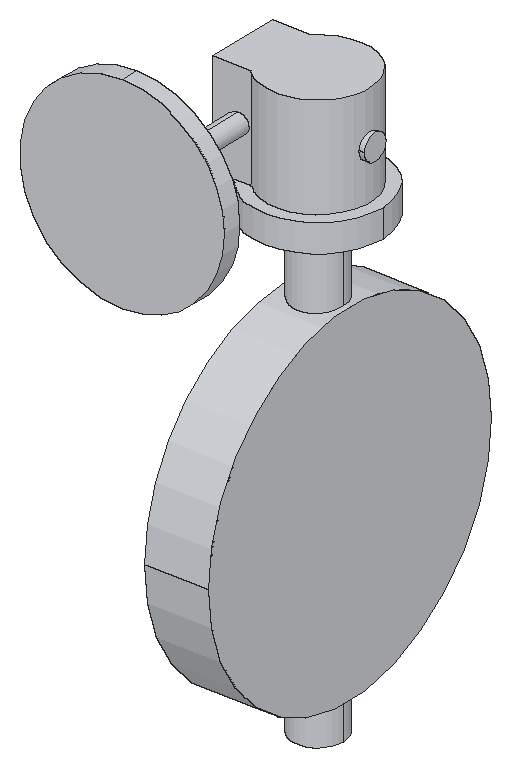
Revit family "HS497-67_disk-litina-převodové kolo DN350-RFA_2019", category Pipe Accessories, Revit 2019
Family settings
  Round Connector Dimension = Use Diameter
  Part Type = Valve - Breaks Into
  Work Plane-Based = No
  Always vertical = Yes
  Cut with Voids When Loaded = No
  Shared = No
Parameters (values of type "HS 497-67_DN350_PN10_převodové kolo")
  magiProductId = "a5a01426cb28494ba3afca92f1dace"
  magiProductFamilyId = "53cea81e6f374d17b8841d9c72ad77"
  magiPartTypeId = 305
  isMeasuringValve [instance] = no
  ang2D [instance] = 0.00°
  X11 = 109.255 mm
  X1 = 45.255 mm
  W2D = 1000 mm
  VersionID = "2.0/2017.9.26.1/ZETKAMA_497_001"
  Use Minimum Symbol Size [instance] = yes
  URL = "http://www.hydronic.cz"
  Type Comments = "mezipřírubová; litinový disk; PN10; -10~+110°C (krátkodobě +120°C)"
  SW30 = yes
  SW3 = yes
  SW21 = no
  SW20 = no
  SW2 = no
  SW1 = no
  R = 175 mm
  QmdConnectorList = "301;D;302;D"
  Productdata [instance] = ""
  NC = 70 mm
  Model = ""
  Manufacturer = "Hydronic Systems Prague s.r.o."
  MM20 = 45.255 mm
  MC Product Code = "125 350 (litinový disk, s převodovým kolem; DN350; PN10, kvs10165)"
  M41 = 91.5 mm
  M4 = 61 mm
  LHL = 220 mm
  LHH3 = 2.45 mm
  LHH1 = 46.55 mm
  LH1 = 73.333 mm
  L4R__ve = -L4R  # -22.2 mm
  L4R = 22.2 mm
  L42__ve = -L42  # -166.5 mm
  L42 = 166.5 mm
  L41__ve = -L41  # -33.3 mm
  L41 = 33.3 mm
  L2D_Min = 3048 mm
  L2D = 216 mm
  L2 = 39 mm
  L1 = 62.4 mm
  L = 78 mm
  H = 31 mm
  G22 = 11.25 mm
  G2 = 22.5 mm
  G1 = 90 mm
  G = 160 mm
  F = 22 mm
  E44 = 62.5 mm
  E42 = 125 mm
  E4 = 250 mm
  E23 = 4.9 mm
  E22 = 19.6 mm
  E21 = 9.8 mm
  Description = "Mezipřírubová uzavírací klapka s převodovým kolem; litinový disk, DN350; PN10; kvs10165"
  DR2 = 175 mm
  DR = 430 mm
  DD1 = 31.25 mm
  DD = 25 mm
  D = 350 mm
  CAT0 = yes
  B2__ve = -B2  # -88 mm
  B2 = 88 mm
  A2 = 33.85 mm
  A1 = 129.65 mm
Types (43, lengths in mm): name | magiProductId | X11 | X1 | Type Comments | SW30 | SW3 | SW20 | SW2 | SW1 | R | NC | MM20 | MC Product Code | M41 | M4 | LHL | LHH3 | LHH1 | LH1 | L4R__ve | L4R | L42__ve | L42 | L41__ve | L41 | L2 | L1 | L | H | G | F | E44 | E42 | E4 | E23 | E22 | E21 | Description | DR2 | DR | DD1 | DD | D | B2__ve | B2 | A2 | A1
  HS 497-67_DN100_PN16_volné vřeteno | "65d1b245f4f142c78569c0602d5754" | 61.456 | 25.456 | "mezipřírubová; litinový disk; PN16; -10~+110°C (krátkodobě +120°C)" | no | no | no | no | yes | 50 | 50 | 25.456 | "123 100 (litinový disk, s volným vřetenem; DN100; PN16, kvs512)" | 66 | 44 | 220 | 2.45 | 46.55 | 73.333 | -12.8 | 12.8 | -96 | 96 | -19.2 | 19.2 | 26 | 41.6 | 52 | 30 | 90 | 11 | 31.25 | 62.5 | 125 | 4.9 | 19.6 | 9.8 | "Mezipřírubová uzavírací klapka s volným vřetenem; litinový disk, DN100; PN16; kvs512" | 50 | 147 | 15.625 | 12.5 | 100 | -56 | 56 | 16.5 | 98.5
  HS 497-67_DN100_PN16_převodové kolo | "11e91b807e674d428c8e796fcdcfe2" | 61.456 | 25.456 | "mezipřírubová; litinový disk; PN16; -10~+110°C (krátkodobě +120°C)" | yes | yes | no | no | no | 50 | 50 | 25.456 | "125 100 (litinový disk, s převodovým kolem; DN100; PN16, kvs512)" | 65.25 | 43.5 | 220 | 2.45 | 46.55 | 73.333 | -12.8 | 12.8 | -96 | 96 | -19.2 | 19.2 | 26 | 41.6 | 52 | 30 | 90 | 11 | 31.25 | 62.5 | 125 | 4.9 | 19.6 | 9.8 | "Mezipřírubová uzavírací klapka s převodovým kolem; litinový disk, DN100; PN16; kvs512" | 50 | 147 | 15.625 | 12.5 | 100 | -56 | 56 | 16.5 | 98.5
  HS 497-67_DN100_PN16_s pákou | "28172f0b3f4b47b28323ac71cf8749" | 61.456 | 25.456 | "mezipřírubová; litinový disk; PN16; -10~+110°C (krátkodobě +120°C)" | no | no | yes | yes | no | 50 | 50 | 25.456 | "120 100 (litinový disk, s pákou; DN100; PN16, kvs512)" | 66 | 44 | 260 | 3 | 57 | 86.667 | -12.8 | 12.8 | -96 | 96 | -19.2 | 19.2 | 26 | 41.6 | 52 | 30 | 90 | 11 | 31.25 | 62.5 | 125 | 6 | 24 | 12 | "Mezipřírubová uzavírací klapka s pákou; litinový disk, DN100; PN16; kvs512" | 50 | 147 | 15.625 | 12.5 | 100 | -56 | 56 | 16.5 | 98.5
  HS 497-67_DN125_PN16_volné vřeteno | "0d813d910fc14f628bb3c2efbd185c" | 61.456 | 25.456 | "mezipřírubová; litinový disk; PN16; -10~+110°C (krátkodobě +120°C)" | no | no | no | no | yes | 62.5 | 50 | 25.456 | "123 125 (litinový disk, s volným vřetenem; DN125; PN16, kvs872)" | 66 | 44 | 220 | 2.45 | 46.55 | 73.333 | -12.8 | 12.8 | -96 | 96 | -19.2 | 19.2 | 28 | 44.8 | 56 | 33 | 90 | 14 | 31.25 | 62.5 | 125 | 4.9 | 19.6 | 9.8 | "Mezipřírubová uzavírací klapka s volným vřetenem; litinový disk, DN125; PN16; kvs872" | 62.5 | 180 | 15.625 | 12.5 | 125 | -64 | 64 | 18 | 99.5
  HS 497-67_DN125_PN16_převodové kolo | "c56b7c13f372467684996fb1e0e229" | 61.456 | 25.456 | "mezipřírubová; litinový disk; PN16; -10~+110°C (krátkodobě +120°C)" | yes | yes | no | no | no | 62.5 | 50 | 25.456 | "125 125 (litinový disk, s převodovým kolem; DN125; PN16, kvs872)" | 65.25 | 43.5 | 220 | 2.45 | 46.55 | 73.333 | -13.5 | 13.5 | -101.25 | 101.25 | -20.25 | 20.25 | 28 | 44.8 | 56 | 33 | 90 | 14 | 40 | 80 | 160 | 4.9 | 19.6 | 9.8 | "Mezipřírubová uzavírací klapka s převodovým kolem; litinový disk, DN125; PN16; kvs872" | 62.5 | 180 | 20 | 16 | 125 | -64 | 64 | 18 | 99.5
  HS 497-67_DN125_PN16_s pákou | "105993c79a91492399feef7931321a" | 61.456 | 25.456 | "mezipřírubová; litinový disk; PN16; -10~+110°C (krátkodobě +120°C)" | no | no | yes | yes | no | 62.5 | 50 | 25.456 | "120 125 (litinový disk, s pákou; DN125; PN16, kvs872)" | 66 | 44 | 315 | 3.75 | 71.25 | 105 | -12.8 | 12.8 | -96 | 96 | -19.2 | 19.2 | 28 | 44.8 | 56 | 33 | 90 | 14 | 31.25 | 62.5 | 125 | 7.5 | 30 | 15 | "Mezipřírubová uzavírací klapka s pákou; litinový disk, DN125; PN16; kvs872" | 62.5 | 180 | 15.625 | 12.5 | 125 | -64 | 64 | 18 | 99.5
  HS 497-67_DN150_PN16_volné vřeteno | "50c80cb8ab434f55ab7796e5ac1331" | 61.456 | 25.456 | "mezipřírubová; litinový disk; PN16; -10~+110°C (krátkodobě +120°C)" | no | no | no | no | yes | 75 | 50 | 25.456 | "123 150 (litinový disk, s volným vřetenem; DN150; PN16, kvs1347)" | 66 | 44 | 220 | 2.45 | 46.55 | 73.333 | -12.8 | 12.8 | -96 | 96 | -19.2 | 19.2 | 28 | 44.8 | 56 | 33 | 90 | 14 | 31.25 | 62.5 | 125 | 4.9 | 19.6 | 9.8 | "Mezipřírubová uzavírací klapka s volným vřetenem; litinový disk, DN150; PN16; kvs1347" | 75 | 206 | 15.625 | 12.5 | 150 | -58 | 58 | 19.3 | 98.7
  HS 497-67_DN150_PN16_převodové kolo | "d94a1a0cf83b476eb10011b327f709" | 61.456 | 25.456 | "mezipřírubová; litinový disk; PN16; -10~+110°C (krátkodobě +120°C)" | yes | yes | no | no | no | 75 | 50 | 25.456 | "125 150 (litinový disk, s převodovým kolem; DN150; PN16, kvs1347)" | 65.25 | 43.5 | 220 | 2.45 | 46.55 | 73.333 | -13.5 | 13.5 | -101.25 | 101.25 | -20.25 | 20.25 | 28 | 44.8 | 56 | 33 | 90 | 14 | 40 | 80 | 160 | 4.9 | 19.6 | 9.8 | "Mezipřírubová uzavírací klapka s převodovým kolem; litinový disk, DN150; PN16; kvs1347" | 75 | 206 | 20 | 16 | 150 | -58 | 58 | 19.3 | 98.7
  HS 497-67_DN150_PN16_s pákou | "4d2835523fe84828bc50ff0a5a0dfb" | 61.456 | 25.456 | "mezipřírubová; litinový disk; PN16; -10~+110°C (krátkodobě +120°C)" | no | no | yes | yes | no | 75 | 50 | 25.456 | "120 150 (litinový disk, s pákou; DN150; PN16, kvs1347)" | 66 | 44 | 315 | 3.75 | 71.25 | 105 | -12.8 | 12.8 | -96 | 96 | -19.2 | 19.2 | 28 | 44.8 | 56 | 33 | 90 | 14 | 31.25 | 62.5 | 125 | 7.5 | 30 | 15 | "Mezipřírubová uzavírací klapka s pákou; litinový disk, DN150; PN16; kvs1347" | 75 | 206 | 15.625 | 12.5 | 150 | -58 | 58 | 19.3 | 98.7
  HS 497-67_DN200_PN16_volné vřeteno | "5b29029eaeba47139ee1055a4b9201" | 61.456 | 25.456 | "mezipřírubová; litinový disk; PN16; -10~+110°C (krátkodobě +120°C)" | no | no | no | no | yes | 100 | 50 | 25.456 | "123 200 (litinový disk, s volným vřetenem; DN200; PN16, kvs2675)" | 66 | 44 | 220 | 2.45 | 46.55 | 73.333 | -12.8 | 12.8 | -96 | 96 | -19.2 | 19.2 | 30 | 48 | 60 | 33 | 90 | 17 | 31.25 | 62.5 | 125 | 4.9 | 19.6 | 9.8 | "Mezipřírubová uzavírací klapka s volným vřetenem; litinový disk, DN200; PN16; kvs2675" | 100 | 257 | 15.625 | 12.5 | 200 | -70 | 70 | 22.5 | 102.5
  HS 497-67_DN200_PN16_převodové kolo | "b2793cc1fcc44cf2a35062cd67c04f" | 61.456 | 25.456 | "mezipřírubová; litinový disk; PN16; -10~+110°C (krátkodobě +120°C)" | yes | yes | no | no | no | 100 | 57 | 25.456 | "125 200 (litinový disk, s převodovým kolem; DN200; PN16, kvs2675)" | 78.75 | 52.5 | 220 | 2.45 | 46.55 | 73.333 | -15.2 | 15.2 | -114 | 114 | -22.8 | 22.8 | 30 | 48 | 60 | 33 | 90 | 17 | 50 | 100 | 200 | 4.9 | 19.6 | 9.8 | "Mezipřírubová uzavírací klapka s převodovým kolem; litinový disk, DN200; PN16; kvs2675" | 100 | 257 | 25 | 20 | 200 | -70 | 70 | 22.5 | 102.5
  HS 497-67_DN200_PN16_s pákou | "f88d96c7af224537a51e72d7d8fffe" | 61.456 | 25.456 | "mezipřírubová; litinový disk; PN16; -10~+110°C (krátkodobě +120°C)" | no | no | yes | yes | no | 100 | 50 | 25.456 | "120 200 (litinový disk, s pákou; DN200; PN16, kvs2675)" | 66 | 44 | 315 | 3.75 | 71.25 | 105 | -12.8 | 12.8 | -96 | 96 | -19.2 | 19.2 | 30 | 48 | 60 | 33 | 90 | 17 | 31.25 | 62.5 | 125 | 7.5 | 30 | 15 | "Mezipřírubová uzavírací klapka s pákou; litinový disk, DN200; PN16; kvs2675" | 100 | 257 | 15.625 | 12.5 | 200 | -70 | 70 | 22.5 | 102.5
  HS 497-67_DN250_PN16_volné vřeteno | "b662e8305ca2402b9c510e66e6aa55" | 88.77 | 36.77 | "mezipřírubová; litinový disk; PN16; -10~+110°C (krátkodobě +120°C)" | no | no | no | no | yes | 125 | 50 | 36.77 | "123 250 (litinový disk, s volným vřetenem; DN250; PN16, kvs4555)" | 66 | 44 | 220 | 2.45 | 46.55 | 73.333 | -12.8 | 12.8 | -96 | 96 | -19.2 | 19.2 | 34 | 54.4 | 68 | 23 | 130 | 22 | 31.25 | 62.5 | 125 | 4.9 | 19.6 | 9.8 | "Mezipřírubová uzavírací klapka s volným vřetenem; litinový disk, DN250; PN16; kvs4555" | 125 | 324 | 15.625 | 12.5 | 250 | -85 | 85 | 28.25 | 129.25
  HS 497-67_DN250_PN16_převodové kolo | "5ee9016806664ddfaa2632711f295c" | 88.77 | 36.77 | "mezipřírubová; litinový disk; PN16; -10~+110°C (krátkodobě +120°C)" | yes | yes | no | no | no | 125 | 70 | 36.77 | "125 250 (litinový disk, s převodovým kolem; DN250; PN16, kvs4555)" | 91.5 | 61 | 220 | 2.45 | 46.55 | 73.333 | -22.2 | 22.2 | -166.5 | 166.5 | -33.3 | 33.3 | 34 | 54.4 | 68 | 23 | 130 | 22 | 62.5 | 125 | 250 | 4.9 | 19.6 | 9.8 | "Mezipřírubová uzavírací klapka s převodovým kolem; litinový disk, DN250; PN16; kvs4555" | 125 | 324 | 31.25 | 25 | 250 | -85 | 85 | 28.25 | 129.25
  HS 497-67_DN300_PN16_volné vřeteno | "e1886f51ff004380a649519258edf2" | 88.77 | 36.77 | "mezipřírubová; litinový disk; PN16; -10~+110°C (krátkodobě +120°C)" | no | no | no | no | yes | 150 | 50 | 36.77 | "123 300 (litinový disk, s volným vřetenem; DN300; PN16, kvs7037)" | 66 | 44 | 220 | 2.45 | 46.55 | 73.333 | -12.8 | 12.8 | -96 | 96 | -19.2 | 19.2 | 39 | 62.4 | 78 | 23 | 130 | 22 | 31.25 | 62.5 | 125 | 4.9 | 19.6 | 9.8 | "Mezipřírubová uzavírací klapka s volným vřetenem; litinový disk, DN300; PN16; kvs7037" | 150 | 376 | 15.625 | 12.5 | 300 | -90 | 90 | 30.8 | 127.2
  HS 497-67_DN300_PN16_převodové kolo | "6860f094f77d42088fbebc3c97f755" | 88.77 | 36.77 | "mezipřírubová; litinový disk; PN16; -10~+110°C (krátkodobě +120°C)" | yes | yes | no | no | no | 150 | 70 | 36.77 | "125 300 (litinový disk, s převodovým kolem; DN300; PN16, kvs7037)" | 91.5 | 61 | 220 | 2.45 | 46.55 | 73.333 | -22.2 | 22.2 | -166.5 | 166.5 | -33.3 | 33.3 | 39 | 62.4 | 78 | 23 | 130 | 22 | 62.5 | 125 | 250 | 4.9 | 19.6 | 9.8 | "Mezipřírubová uzavírací klapka s převodovým kolem; litinový disk, DN300; PN16; kvs7037" | 150 | 376 | 31.25 | 25 | 300 | -90 | 90 | 30.8 | 127.2
  HS 497-67_DN032_PN16_volné vřeteno | "8c5f65de52aa4067a77564107e31b2" | 61.456 | 25.456 | "mezipřírubová; litinový disk; PN16; -10~+110°C (krátkodobě +120°C)" | no | no | no | no | yes | 16 | 50 | 25.456 | "123 032 (litinový disk, s volným vřetenem; DN32; PN16, kvs78)" | 66 | 44 | 220 | 2.45 | 46.55 | 73.333 | -12.8 | 12.8 | -96 | 96 | -19.2 | 19.2 | 16.5 | 26.4 | 33 | 30 | 90 | 11 | 31.25 | 62.5 | 125 | 4.9 | 19.6 | 9.8 | "Mezipřírubová uzavírací klapka s volným vřetenem; litinový disk, DN32; PN16; kvs78" | 16 | 68 | 15.625 | 12.5 | 32 | -44.2 | 44.2 | 10.25 | 76.25
  HS 497-67_DN032_PN16_převodové kolo | "60aaeffa8b3a4e809ef000e4660060" | 61.456 | 25.456 | "mezipřírubová; litinový disk; PN16; -10~+110°C (krátkodobě +120°C)" | yes | yes | no | no | no | 16 | 50 | 25.456 | "125 032 (litinový disk, s převodovým kolem; DN32; PN16, kvs78)" | 65.25 | 43.5 | 220 | 2.45 | 46.55 | 73.333 | -12.8 | 12.8 | -96 | 96 | -19.2 | 19.2 | 16.5 | 26.4 | 33 | 30 | 90 | 11 | 31.25 | 62.5 | 125 | 4.9 | 19.6 | 9.8 | "Mezipřírubová uzavírací klapka s převodovým kolem; litinový disk, DN32; PN16; kvs78" | 16 | 68 | 15.625 | 12.5 | 32 | -44.2 | 44.2 | 10.25 | 76.25
  HS 497-67_DN032_PN16_s pákou | "9ad8088d610749a1b871aa2aad8007" | 61.456 | 25.456 | "mezipřírubová; litinový disk; PN16; -10~+110°C (krátkodobě +120°C)" | no | no | yes | yes | no | 16 | 50 | 25.456 | "120 032 (litinový disk, s pákou; DN32; PN16, kvs78)" | 66 | 44 | 220 | 2.45 | 46.55 | 73.333 | -12.8 | 12.8 | -96 | 96 | -19.2 | 19.2 | 16.5 | 26.4 | 33 | 30 | 90 | 11 | 31.25 | 62.5 | 125 | 4.9 | 19.6 | 9.8 | "Mezipřírubová uzavírací klapka s pákou; litinový disk, DN32; PN16; kvs78" | 16 | 68 | 15.625 | 12.5 | 32 | -44.2 | 44.2 | 10.25 | 76.25
  HS 497-67_DN350_PN10_volné vřeteno | "72a1e05f22944421b7e9596a877137" | 109.255 | 45.255 | "mezipřírubová; litinový disk; PN10; -10~+110°C (krátkodobě +120°C)" | no | no | no | no | yes | 175 | 50 | 45.255 | "123 350 (litinový disk, s volným vřetenem; DN350; PN10, kvs10165)" | 66 | 44 | 220 | 2.45 | 46.55 | 73.333 | -12.8 | 12.8 | -96 | 96 | -19.2 | 19.2 | 39 | 62.4 | 78 | 31 | 160 | 22 | 31.25 | 62.5 | 125 | 4.9 | 19.6 | 9.8 | "Mezipřírubová uzavírací klapka s volným vřetenem; litinový disk, DN350; PN10; kvs10165" | 175 | 430 | 15.625 | 12.5 | 350 | -88 | 88 | 33.85 | 129.65
  HS 497-67_DN350_PN10_převodové kolo | "a5a01426cb28494ba3afca92f1dace" | 109.255 | 45.255 | "mezipřírubová; litinový disk; PN10; -10~+110°C (krátkodobě +120°C)" | yes | yes | no | no | no | 175 | 70 | 45.255 | "125 350 (litinový disk, s převodovým kolem; DN350; PN10, kvs10165)" | 91.5 | 61 | 220 | 2.45 | 46.55 | 73.333 | -22.2 | 22.2 | -166.5 | 166.5 | -33.3 | 33.3 | 39 | 62.4 | 78 | 31 | 160 | 22 | 62.5 | 125 | 250 | 4.9 | 19.6 | 9.8 | "Mezipřírubová uzavírací klapka s převodovým kolem; litinový disk, DN350; PN10; kvs10165" | 175 | 430 | 31.25 | 25 | 350 | -88 | 88 | 33.85 | 129.65
  HS 497-67_DN400_PN10_volné vřeteno | "c70ebeb927c04ab99b176e257ad0a7" | 109.255 | 45.255 | "mezipřírubová; litinový disk; PN10; -10~+110°C (krátkodobě +120°C)" | no | no | no | no | yes | 200 | 50 | 45.255 | "123 400 (litinový disk, s volným vřetenem; DN400; PN10, kvs13799)" | 66 | 44 | 220 | 2.45 | 46.55 | 73.333 | -12.8 | 12.8 | -96 | 96 | -19.2 | 19.2 | 51 | 81.6 | 102 | 31 | 160 | 27 | 31.25 | 62.5 | 125 | 4.9 | 19.6 | 9.8 | "Mezipřírubová uzavírací klapka s volným vřetenem; litinový disk, DN400; PN10; kvs13799" | 200 | 485 | 15.625 | 12.5 | 400 | -108 | 108 | 38 | 142
  HS 497-67_DN400_PN10_převodové kolo | "cc64a4384dcb41b780d81810f4f293" | 109.255 | 45.255 | "mezipřírubová; litinový disk; PN10; -10~+110°C (krátkodobě +120°C)" | yes | yes | no | no | no | 200 | 72.5 | 45.255 | "125 400 (litinový disk, s převodovým kolem; DN400; PN10, kvs13799)" | 103.5 | 69 | 220 | 2.45 | 46.55 | 73.333 | -27.8 | 27.8 | -208.5 | 208.5 | -41.7 | 41.7 | 51 | 81.6 | 102 | 31 | 160 | 27 | 75 | 150 | 300 | 4.9 | 19.6 | 9.8 | "Mezipřírubová uzavírací klapka s převodovým kolem; litinový disk, DN400; PN10; kvs13799" | 200 | 485 | 37.5 | 30 | 400 | -108 | 108 | 38 | 142
  HS 497-67_DN040_PN16_volné vřeteno | "35f92312390745e88df5b5c325d9ee" | 61.456 | 25.456 | "mezipřírubová; litinový disk; PN16; -10~+110°C (krátkodobě +120°C)" | no | no | no | no | yes | 20 | 50 | 25.456 | "123 040 (litinový disk, s volným vřetenem; DN40; PN16, kvs78)" | 66 | 44 | 220 | 2.45 | 46.55 | 73.333 | -12.8 | 12.8 | -96 | 96 | -19.2 | 19.2 | 16.5 | 26.4 | 33 | 30 | 90 | 11 | 31.25 | 62.5 | 125 | 4.9 | 19.6 | 9.8 | "Mezipřírubová uzavírací klapka s volným vřetenem; litinový disk, DN40; PN16; kvs78" | 20 | 76 | 15.625 | 12.5 | 40 | -36 | 36 | 11 | 79
  HS 497-67_DN040_PN16_převodové kolo | "d88e968eae3445bc9b7b4e6ff35127" | 61.456 | 25.456 | "mezipřírubová; litinový disk; PN16; -10~+110°C (krátkodobě +120°C)" | yes | yes | no | no | no | 20 | 50 | 25.456 | "125 040 (litinový disk, s převodovým kolem; DN40; PN16, kvs78)" | 65.25 | 43.5 | 220 | 2.45 | 46.55 | 73.333 | -12.8 | 12.8 | -96 | 96 | -19.2 | 19.2 | 16.5 | 26.4 | 33 | 30 | 90 | 11 | 31.25 | 62.5 | 125 | 4.9 | 19.6 | 9.8 | "Mezipřírubová uzavírací klapka s převodovým kolem; litinový disk, DN40; PN16; kvs78" | 20 | 76 | 15.625 | 12.5 | 40 | -36 | 36 | 11 | 79
  HS 497-67_DN040_PN16_s pákou | "c1b522ca65b4407a98818f232eaacb" | 61.456 | 25.456 | "mezipřírubová; litinový disk; PN16; -10~+110°C (krátkodobě +120°C)" | no | no | yes | yes | no | 20 | 50 | 25.456 | "120 040 (litinový disk, s pákou; DN40; PN16, kvs78)" | 66 | 44 | 220 | 2.45 | 46.55 | 73.333 | -12.8 | 12.8 | -96 | 96 | -19.2 | 19.2 | 16.5 | 26.4 | 33 | 30 | 90 | 11 | 31.25 | 62.5 | 125 | 4.9 | 19.6 | 9.8 | "Mezipřírubová uzavírací klapka s pákou; litinový disk, DN40; PN16; kvs78" | 20 | 76 | 15.625 | 12.5 | 40 | -36 | 36 | 11 | 79
  HS 497-67_DN450_PN10_volné vřeteno | "a8358bc282f14872b3194e530e590a" | 129.74 | 53.74 | "mezipřírubová; litinový disk; PN10; -10~+110°C (krátkodobě +120°C)" | no | no | no | no | yes | 225 | 50 | 53.74 | "123 450 (litinový disk, s volným vřetenem; DN450; PN10, kvs18514)" | 66 | 44 | 220 | 2.45 | 46.55 | 73.333 | -12.8 | 12.8 | -96 | 96 | -19.2 | 19.2 | 57 | 91.2 | 114 | 38 | 190 | 36 | 31.25 | 62.5 | 125 | 4.9 | 19.6 | 9.8 | "Mezipřírubová uzavírací klapka s volným vřetenem; litinový disk, DN450; PN10; kvs18514" | 225 | 536 | 15.625 | 12.5 | 450 | -115 | 115 | 38.05 | 117.45
  HS 497-67_DN450_PN10_převodové kolo | "cdf2d80f54a9414f9cbe50647c0ebd" | 129.74 | 53.74 | "mezipřírubová; litinový disk; PN10; -10~+110°C (krátkodobě +120°C)" | yes | yes | no | no | no | 225 | 91.5 | 53.74 | "125 450 (litinový disk, s převodovým kolem; DN450; PN10, kvs18514)" | 144.75 | 96.5 | 220 | 2.45 | 46.55 | 73.333 | -32.1 | 32.1 | -240.75 | 240.75 | -48.15 | 48.15 | 57 | 91.2 | 114 | 38 | 190 | 36 | 100 | 200 | 400 | 4.9 | 19.6 | 9.8 | "Mezipřírubová uzavírací klapka s převodovým kolem; litinový disk, DN450; PN10; kvs18514" | 225 | 536 | 50 | 40 | 450 | -115 | 115 | 38.05 | 117.45
  HS 497-67_DN500_PN10_volné vřeteno | "8c396e27bb2743f98f3c762b6517cd" | 143.397 | 59.397 | "mezipřírubová; litinový disk; PN10; -10~+110°C (krátkodobě +120°C)" | no | no | no | no | yes | 250 | 50 | 59.397 | "123 500 (litinový disk, s volným vřetenem; DN500; PN10, kvs23805)" | 66 | 44 | 220 | 2.45 | 46.55 | 73.333 | -12.8 | 12.8 | -96 | 96 | -19.2 | 19.2 | 63.5 | 101.6 | 127 | 38 | 210 | 36 | 31.25 | 62.5 | 125 | 4.9 | 19.6 | 9.8 | "Mezipřírubová uzavírací klapka s volným vřetenem; litinový disk, DN500; PN10; kvs23805" | 250 | 593 | 15.625 | 12.5 | 500 | -130 | 130 | 43.25 | 139.25
  HS 497-67_DN500_PN10_převodové kolo | "7647804f32e94cef828a7034a91a46" | 143.397 | 59.397 | "mezipřírubová; litinový disk; PN10; -10~+110°C (krátkodobě +120°C)" | yes | yes | no | no | no | 250 | 91.5 | 59.397 | "125 500 (litinový disk, s převodovým kolem; DN500; PN10, kvs23805)" | 144.75 | 96.5 | 220 | 2.45 | 46.55 | 73.333 | -32.1 | 32.1 | -240.75 | 240.75 | -48.15 | 48.15 | 63.5 | 101.6 | 127 | 38 | 210 | 36 | 100 | 200 | 400 | 4.9 | 19.6 | 9.8 | "Mezipřírubová uzavírací klapka s převodovým kolem; litinový disk, DN500; PN10; kvs23805" | 250 | 593 | 50 | 40 | 500 | -130 | 130 | 43.25 | 139.25
  HS 497-67_DN050_volné vřeteno | "d71f296ecd6d4adf8f6e5d9853b4e0" | 61.456 | 25.456 | "mezipřírubová; litinový disk; PN16; -10~+110°C (krátkodobě +120°C)" | no | no | no | no | yes | 25 | 50 | 25.456 | "123 050 (litinový disk, s volným vřetenem; DN50; PN16, kvs98)" | 66 | 44 | 220 | 2.45 | 46.55 | 73.333 | -12.8 | 12.8 | -96 | 96 | -19.2 | 19.2 | 21.5 | 34.4 | 43 | 30 | 90 | 11 | 31.25 | 62.5 | 125 | 4.9 | 19.6 | 9.8 | "Mezipřírubová uzavírací klapka s volným vřetenem; litinový disk, DN50; PN16; kvs98" | 25 | 100 | 15.625 | 12.5 | 50 | -36.5 | 36.5 | 12 | 83
  HS 497-67_DN050_PN16_převodové kolo | "2fb080deeaed49c58418b94c1da5a4" | 61.456 | 25.456 | "mezipřírubová; litinový disk; PN16; -10~+110°C (krátkodobě +120°C)" | yes | yes | no | no | no | 25 | 50 | 25.456 | "125 050 (litinový disk, s převodovým kolem; DN50; PN16, kvs98)" | 65.25 | 43.5 | 220 | 2.45 | 46.55 | 73.333 | -12.8 | 12.8 | -96 | 96 | -19.2 | 19.2 | 21.5 | 34.4 | 43 | 30 | 90 | 11 | 31.25 | 62.5 | 125 | 4.9 | 19.6 | 9.8 | "Mezipřírubová uzavírací klapka s převodovým kolem; litinový disk, DN50; PN16; kvs98" | 25 | 100 | 15.625 | 12.5 | 50 | -36.5 | 36.5 | 12 | 83
  HS 497-67_DN050_PN16_s pákou | "dabc632061f94877a994b9b4e68112" | 61.456 | 25.456 | "mezipřírubová; litinový disk; PN16; -10~+110°C (krátkodobě +120°C)" | no | no | yes | yes | no | 25 | 50 | 25.456 | "120 050 (litinový disk, s pákou; DN50; PN16, kvs98)" | 66 | 44 | 220 | 2.45 | 46.55 | 73.333 | -12.8 | 12.8 | -96 | 96 | -19.2 | 19.2 | 21.5 | 34.4 | 43 | 30 | 90 | 11 | 31.25 | 62.5 | 125 | 4.9 | 19.6 | 9.8 | "Mezipřírubová uzavírací klapka s pákou; litinový disk, DN50; PN16; kvs98" | 25 | 100 | 15.625 | 12.5 | 50 | -36.5 | 36.5 | 12 | 83
  HS 497-67_DN600_PN10_volné vřeteno | "99d5892c14664fce81a7c5903f7711" | 143.397 | 59.397 | "mezipřírubová; litinový disk; PN10; -10~+110°C (krátkodobě +120°C)" | no | no | no | no | yes | 300 | 50 | 59.397 | "123 600 (litinový disk, s volným vřetenem; DN600; PN10, kvs36778)" | 66 | 44 | 220 | 2.45 | 46.55 | 73.333 | -12.8 | 12.8 | -96 | 96 | -19.2 | 19.2 | 77 | 123.2 | 154 | 80 | 210 | 60 | 31.25 | 62.5 | 125 | 4.9 | 19.6 | 9.8 | "Mezipřírubová uzavírací klapka s volným vřetenem; litinový disk, DN600; PN10; kvs36788" | 300 | 690 | 15.625 | 12.5 | 600 | -140 | 140 | 49.4 | 144.6
  HS 497-67_DN600_PN10_převodové kolo | "b1e26faab48a4c499f6bb11e7e3002" | 143.397 | 59.397 | "mezipřírubová; litinový disk; PN10; -10~+110°C (krátkodobě +120°C)" | yes | yes | no | no | no | 300 | 140 | 59.397 | "125 600 (litinový disk, s převodovým kolem; DN600; PN10, kvs36778)" | 206.25 | 137.5 | 220 | 2.45 | 46.55 | 73.333 | -40.8 | 40.8 | -306 | 306 | -61.2 | 61.2 | 77 | 123.2 | 154 | 80 | 210 | 60 | 125 | 250 | 500 | 4.9 | 19.6 | 9.8 | "Mezipřírubová uzavírací klapka s převodovým kolem; litinový disk, DN600; PN10; kvs36788" | 300 | 690 | 62.5 | 50 | 600 | -140 | 140 | 49.4 | 144.6
  HS 497-67_DN065_PN16_volné vřeteno | "5e5e208646e34ec29f889baab5d08e" | 61.456 | 25.456 | "mezipřírubová; litinový disk; PN16; -10~+110°C (krátkodobě +120°C)" | no | no | no | no | yes | 32.5 | 50 | 25.456 | "123 065 (litinový disk, s volným vřetenem; DN65; PN16, kvs167)" | 66 | 44 | 220 | 2.45 | 46.55 | 73.333 | -12.8 | 12.8 | -96 | 96 | -19.2 | 19.2 | 23 | 36.8 | 46 | 30 | 90 | 11 | 31.25 | 62.5 | 125 | 4.9 | 19.6 | 9.8 | "Mezipřírubová uzavírací klapka s volným vřetenem; litinový disk, DN65; PN16; kv167" | 32.5 | 108 | 15.625 | 12.5 | 65 | -36.5 | 36.5 | 13.5 | 89
  HS 497-67_DN065_PN16_převodové kolo | "654d74c8d15540b0bfe523d988ccb3" | 61.456 | 25.456 | "mezipřírubová; litinový disk; PN16; -10~+110°C (krátkodobě +120°C)" | yes | yes | no | no | no | 32.5 | 50 | 25.456 | "125 065 (litinový disk, s převodovým kolem; DN65; PN16, kvs167)" | 65.25 | 43.5 | 220 | 2.45 | 46.55 | 73.333 | -12.8 | 12.8 | -96 | 96 | -19.2 | 19.2 | 23 | 36.8 | 46 | 30 | 90 | 11 | 31.25 | 62.5 | 125 | 4.9 | 19.6 | 9.8 | "Mezipřírubová uzavírací klapka s převodovým kolem; litinový disk, DN65; PN16; kvs167" | 32.5 | 108 | 15.625 | 12.5 | 65 | -36.5 | 36.5 | 13.5 | 89
  HS 497-67_DN065_PN16_s pákou | "ebeb4b59db0641caaf6d6635ab37b9" | 61.456 | 25.456 | "mezipřírubová; litinový disk; PN16; -10~+110°C (krátkodobě +120°C)" | no | no | yes | yes | no | 32.5 | 50 | 25.456 | "120 065 (litinový disk, s pákou; DN65; PN16, kvs167)" | 66 | 44 | 220 | 2.45 | 46.55 | 73.333 | -12.8 | 12.8 | -96 | 96 | -19.2 | 19.2 | 23 | 36.8 | 46 | 30 | 90 | 11 | 31.25 | 62.5 | 125 | 4.9 | 19.6 | 9.8 | "Mezipřírubová uzavírací klapka s pákou; litinový disk, DN65; PN16; kvs167" | 32.5 | 108 | 15.625 | 12.5 | 65 | -36.5 | 36.5 | 13.5 | 89
  HS 497-67_DN080_PN16_volné vřeteno | "9e85c75c18654e1185a9c48ed6b00e" | 61.456 | 25.456 | "mezipřírubová; litinový disk; PN16; -10~+110°C (krátkodobě +120°C)" | no | no | no | no | yes | 40 | 50 | 25.456 | "123 080 (litinový disk, s volným vřetenem; DN80; PN16, kvs258)" | 66 | 44 | 220 | 2.45 | 46.55 | 73.333 | -12.8 | 12.8 | -96 | 96 | -19.2 | 19.2 | 23 | 36.8 | 46 | 30 | 90 | 11 | 31.25 | 62.5 | 125 | 4.9 | 19.6 | 9.8 | "Mezipřírubová uzavírací klapka s volným vřetenem; litinový disk, DN80; PN16; kvs258" | 40 | 124 | 15.625 | 12.5 | 80 | -54 | 54 | 14.1 | 86.9
  HS 497-67_DN080_PN16_převodové kolo | "5b3c8238c3d041e68c75b199e7ea46" | 61.456 | 25.456 | "mezipřírubová; litinový disk; PN16; -10~+110°C (krátkodobě +120°C)" | yes | yes | no | no | no | 40 | 50 | 25.456 | "125 080 (litinový disk, s převodovým kolem; DN80; PN16, kvs258)" | 65.25 | 43.5 | 220 | 2.45 | 46.55 | 73.333 | -12.8 | 12.8 | -96 | 96 | -19.2 | 19.2 | 23 | 36.8 | 46 | 30 | 90 | 11 | 31.25 | 62.5 | 125 | 4.9 | 19.6 | 9.8 | "Mezipřírubová uzavírací klapka s převodovým kolem; litinový disk, DN80; PN16; kvs258" | 40 | 124 | 15.625 | 12.5 | 80 | -54 | 54 | 14.1 | 86.9
  HS 497-67_DN080_PN16_s pákou | "e414795fab0f4eccb99bc3572c5477" | 61.456 | 25.456 | "mezipřírubová; litinový disk; PN16; -10~+110°C (krátkodobě +120°C)" | no | no | yes | yes | no | 40 | 50 | 25.456 | "120 080 (litinový disk, s pákou; DN80; PN16, kvs258)" | 66 | 44 | 260 | 3 | 57 | 86.667 | -12.8 | 12.8 | -96 | 96 | -19.2 | 19.2 | 23 | 36.8 | 46 | 30 | 90 | 11 | 31.25 | 62.5 | 125 | 6 | 24 | 12 | "Mezipřírubová uzavírací klapka s pákou; litinový disk, DN80; PN16; kvs258" | 40 | 124 | 15.625 | 12.5 | 80 | -54 | 54 | 14.1 | 86.9
  HS 497-67_DN250_PN16_s pákou | "" | 88.77 | 36.77 | "mezipřírubová; litinový disk; PN16; -10~+110°C (krátkodobě +120°C)" | no | no | yes | yes | no | 125 | 70 | 36.77 | "120 250 (litinový disk, s pákou; DN250; PN16, kvs4555)" | 91.5 | 61 | 220 | 2.45 | 46.55 | 73.333 | -22.2 | 22.2 | -166.5 | 166.5 | -33.3 | 33.3 | 34 | 54.4 | 68 | 23 | 130 | 22 | 62.5 | 125 | 250 | 4.9 | 19.6 | 9.8 | "Mezipřírubová uzavírací klapka s pákou; litinový disk, DN250; PN16; kvs4555" | 125 | 324 | 31.25 | 25 | 250 | -85 | 85 | 28.25 | 129.25
  HS 497-67_DN300_PN16_s pákou | "" | 88.77 | 36.77 | "mezipřírubová; litinový disk; PN16; -10~+110°C (krátkodobě +120°C)" | no | no | yes | yes | no | 150 | 70 | 36.77 | "120 300 (litinový disk, s pákou; DN300; PN16, kvs7037)" | 91.5 | 61 | 220 | 2.45 | 46.55 | 73.333 | -22.2 | 22.2 | -166.5 | 166.5 | -33.3 | 33.3 | 39 | 62.4 | 78 | 23 | 130 | 22 | 62.5 | 125 | 250 | 4.9 | 19.6 | 9.8 | "Mezipřírubová uzavírací klapka s pákou; litinový disk, DN300; PN16; kvs7037" | 150 | 376 | 31.25 | 25 | 300 | -90 | 90 | 30.8 | 127.2
Reference planes
  plane 1 "Center (Front/Back)": y = 0
  plane 2 "XYPLANE": z = 0
  plane 3 "Center (Left/Right)": x = 0
  plane 4 "473": x = -45.255
  plane 5 "472": x = -91.5
  plane 6 "471": y = -45.255
  plane 7 "470": y = 45.255
  plane 8 "469": x = -61
  plane 9 "468": y = -199.8
  plane 10 "467": y = -166.5
  plane 11 "466": z = 401
  plane 12 "465": z = 385.05
  plane 13 "464": y = 145.417
  plane 14 "463": z = 375.25
  plane 15 "462": z = 358.1
  plane 16 "461": z = 367.9
  plane 17 "460": y = 72.083
  plane 18 "459": x = -11.25
  plane 19 "458": x = 11.25
  plane 20 "457": y = -6.25
  plane 21 "456": x = -17.5
  plane 22 "455": x = 17.5
  plane 23 "454": z = 372.8
  plane 24 "453": y = 62.083
  plane 25 "452": y = -11.25
  plane 26 "451": x = -22.5
  plane 27 "450": x = 22.5
  plane 28 "449": z = 353.2
  plane 29 "448": z = 348.3
  plane 30 "447": z = -175
  plane 31 "446": z = 338.5
  plane 32 "445": z = 304.65
  plane 33 "444": z = 175
  plane 34 "443": x = 39
  plane 35 "442": x = -39
  plane 36 "441": z = 0
  plane 37 "440": y = 0
  plane 38 "439": x = 0
  plane 39 "438": z = 387.5
  plane 40 "437": z = 372.8
  plane 41 "436": x = 13.7
  plane 42 "435": x = -13.7
  plane 43 "434": y = 220
Forms (mm)
  Extrusion 1, solid, visible <- "SW3"
    sketch origin (-750, 0, 338.5) x (1, 0, 0) y (0, 1, 0)
      loop
        line (658.5, 45.255) -> (658.5, -45.255) -> (704.745, -45.255)
        arc (704.745, -45.255) -> (814, 0) -> (704.745, 45.255) r 64
        line (704.745, 45.255) -> (658.5, 45.255)
    from 0 to 125 <- "E42"
  Extrusion 2, solid, visible <- "SW30"
    sketch origin (0, -750, 0) x (0, 1, 0) y (0, 0, 1)
      loop
        circle (750, 401) r 15.625
    from 0 to 70 <- "NC"
  Extrusion 3, solid, visible <- "SW30"
    sketch origin (750, -199.8, 0) x (-1, 0, 0) y (0, 0, 1)
      loop
        circle (811, 401) r 125
    from 0 to -22.2 <- "L4R__ve"
  Extrusion 4, solid, visible <- "SW3"
    sketch origin (750, -166.5, 0) x (-1, 0, 0) y (0, 0, 1)
      loop
        circle (811, 401) r 15.625
    from 0 to -33.3 <- "L41__ve"
  Extrusion 5, solid, visible <- "SW30"
    sketch origin (750, 0, 0) x (-1, 0, 0) y (0, 0, 1)
      loop
        circle (811, 401) r 12.5
    from 0 to -166.5 <- "L42__ve"
  Blend 6, solid, visible <- "SW21"
    base sketch origin (750, 72.083, 0) x (-1, 0, 0) y (0, 0, 1)
      loop
        line (761.25, 367.9) -> (738.75, 367.9) -> (738.75, 358.1) -> (761.25, 358.1) -> (761.25, 367.9)
    top sketch origin (750, 72.083, 0) x (-1, 0, 0) y (0, 0, 1)
      loop
        line (761.25, 385.05) -> (738.75, 385.05) -> (738.75, 375.25) -> (761.25, 375.25) -> (761.25, 385.05)
    from 0 to 73.333
  Blend 7, solid, visible <- "SW21"
    base sketch origin (750, 62.083, 0) x (-1, 0, 0) y (0, 0, 1)
      loop
        line (761.25, 372.8) -> (738.75, 372.8) -> (738.75, 353.2) -> (761.25, 353.2) -> (761.25, 372.8)
    top sketch origin (750, 62.083, 0) x (-1, 0, 0) y (0, 0, 1)
      loop
        line (761.25, 367.9) -> (738.75, 367.9) -> (738.75, 358.1) -> (761.25, 358.1) -> (761.25, 367.9)
    from 0 to 10
  Blend 8, solid, visible <- "SW21"
    base sketch origin (-750, 0, 353.2) x (1, 0, 0) y (0, 1, 0)
      loop
        line (772.5, 62.083) -> (727.5, 62.083) -> (727.5, -11.25)
        arc (727.5, -11.25) -> (750, -31.25) -> (772.5, -11.25) r 22.656
        line (772.5, -11.25) -> (772.5, 62.083)
    top sketch origin (-750, 0, 353.2) x (1, 0, 0) y (0, 1, 0)
      loop
        line (767.5, 62.083) -> (732.5, 62.083) -> (732.5, -6.25)
        arc (732.5, -6.25) -> (750, -26.25) -> (767.5, -6.25) r 17.656
        line (767.5, -6.25) -> (767.5, 62.083)
    from 0 to 19.6
  Extrusion 9, solid, visible <- "SW2"
    sketch origin (-750, 0, 348.3) x (1, 0, 0) y (0, 1, 0)
      loop
        circle (750, 0) r 11.25
    from 0 to 4.9 <- "E23"
  Extrusion 10, solid, visible <- "SW2"
    sketch origin (-750, 0, 338.5) x (1, 0, 0) y (0, 1, 0)
      loop
        circle (750, 0) r 45
    from 0 to 9.8 <- "E21"
  Extrusion 11, solid, visible <- "CAT0"
    sketch origin (-750, 0, -175) x (1, 0, 0) y (0, 1, 0)
      loop
        circle (750, 0) r 31.2
    from 0 to -88 <- "B2__ve"
  Extrusion 12, solid, visible <- "CAT0"
    sketch origin (-750, 0, 304.65) x (1, 0, 0) y (0, 1, 0)
      loop
        circle (750, 0) r 80
    from 0 to 33.85 <- "A2"
  Extrusion 13, solid, visible <- "CAT0"
    sketch origin (-750, 0, 175) x (1, 0, 0) y (0, 1, 0)
      loop
        circle (750, 0) r 31.2
    from 0 to 129.65 <- "A1"
  Extrusion 14, solid, visible <- "CAT0"
    sketch origin (-39, -750, 0) x (0, 1, 0) y (0, 0, 1)
      loop
        circle (750, 0) r 215
    from 0 to 78 <- "L"
  Extrusion 15, solid, visible <- "SW1"
    sketch origin (-750, 0, 338.5) x (1, 0, 0) y (0, 1, 0)
      loop
        line (761, 11) -> (739, 11) -> (739, -11) -> (761, -11) -> (761, 11)
    from 0 to 31 <- "H"
  Blend 16, solid, visible <- "SW2"
    base sketch origin (750, 145.417, 0) x (-1, 0, 0) y (0, 0, 1)
      loop
        arc (763.7, 382.5) -> (762.236, 386.036) -> (758.7, 387.5) r 5
        line (758.7, 387.5) -> (741.3, 387.5)
        arc (741.3, 387.5) -> (737.764, 386.036) -> (736.3, 382.5) r 5
        line (736.3, 382.5) -> (736.3, 377.8)
        arc (736.3, 377.8) -> (737.764, 374.264) -> (741.3, 372.8) r 5
        line (741.3, 372.8) -> (758.7, 372.8)
        arc (758.7, 372.8) -> (762.236, 374.264) -> (763.7, 377.8) r 5
        line (763.7, 377.8) -> (763.7, 382.5)
    top sketch origin (750, 145.417, 0) x (-1, 0, 0) y (0, 0, 1)
      loop
        arc (763.7, 382.5) -> (762.236, 386.036) -> (758.7, 387.5) r 5
        line (758.7, 387.5) -> (741.3, 387.5)
        arc (741.3, 387.5) -> (737.764, 386.036) -> (736.3, 382.5) r 5
        line (736.3, 382.5) -> (736.3, 377.8)
        arc (736.3, 377.8) -> (737.764, 374.264) -> (741.3, 372.8) r 5
        line (741.3, 372.8) -> (758.7, 372.8)
        arc (758.7, 372.8) -> (762.236, 374.264) -> (763.7, 377.8) r 5
        line (763.7, 377.8) -> (763.7, 382.5)
    from 0 to 74.583
  Blend 17, solid, visible <- "SW20"
    base sketch origin (750, 145.417, 0) x (-1, 0, 0) y (0, 0, 1)
      loop
        line (763.7, 387.5) -> (736.3, 387.5) -> (736.3, 372.8) -> (763.7, 372.8) -> (763.7, 387.5)
    top sketch origin (750, 145.417, 0) x (-1, 0, 0) y (0, 0, 1)
      loop
        line (761.25, 372.8) -> (738.75, 372.8) -> (738.75, 353.2) -> (761.25, 353.2) -> (761.25, 372.8)
    from 0 to -83.333
  Extrusion 18, solid, visible <- "SW20"
    sketch origin (-750, 0, 353.2) x (1, 0, 0) y (0, 1, 0)
      loop
        line (772.5, 62.083) -> (727.5, 62.083) -> (727.5, -11.25)
        arc (727.5, -11.25) -> (750, -31.25) -> (772.5, -11.25) r 22.656
        line (772.5, -11.25) -> (772.5, 62.083)
    from 0 to 19.6 <- "E22"
  Extrusion 19, solid, not visible
    sketch origin (-39, -750, 0) x (0, 1, 0) y (0, 0, 1)
      loop
        circle (750, 0) r 10
    from 0 to 10
  Extrusion 20, solid, not visible
    sketch origin (39, -750, 0) x (0, 1, 0) y (0, 0, 1)
      loop
        circle (750, 0) r 10
    from 0 to -10
Lines and regions (mm)
  reference lines, not visible
    curve 1: circle (2, 2, 0) r 1 normal (0, 0, 1)
  reference lines
    curve 2: line (-45.255, -45.255, 338.5) -> (-45.255, 45.255, 338.5)
    curve 3: line (-17.5, -6.25, 353.2) -> (17.5, -6.25, 353.2)
    curve 4: line (-22.5, -11.25, 353.2) -> (22.5, -11.25, 353.2)
    curve 5: circle (0, 0, 338.5) r 1 normal (0, 0, 1)
    curve 6: line (-22.5, -11.25, 353.2) -> (22.5, -11.25, 353.2)
Dimensions and locks
  plane 1 "Center (Front/Back)" to curve 1 = 2 mm
  "X1": plane 3 "Center (Left/Right)" to plane 4 "473"
  "M41": plane 3 "Center (Left/Right)" to plane 5 "472"
  "MM20": plane 1 "Center (Front/Back)" to plane 6 "471"
  "MM20": plane 1 "Center (Front/Back)" to plane 7 "470"
  "M4": plane 3 "Center (Left/Right)" to plane 8 "469"
  "L41": plane 10 "467" to plane 9 "468"
  "L42": plane 1 "Center (Front/Back)" to plane 10 "467"
  "E44": plane 31 "446" to plane 11 "466"
  "LHH1": plane 31 "446" to plane 12 "465"
  "LH1": plane 17 "460" to plane 13 "464"
  "E21": plane 12 "465" to plane 14 "463"
  "E21": plane 16 "461" to plane 15 "462"
  "E23": plane 23 "454" to plane 16 "461"
  locked: plane 24 "453" to plane 17 "460" at 10
  "G22": plane 3 "Center (Left/Right)" to plane 18 "459"
  "G22": plane 3 "Center (Left/Right)" to plane 19 "458"
  locked: plane 25 "452" to plane 20 "457" at 5
  locked: plane 26 "451" to plane 21 "456" at 5
  locked: plane 27 "450" to plane 22 "455" at 5
  "E22": plane 28 "449" to plane 23 "454"
  "LH1": plane 25 "452" to plane 24 "453"
  "G22": plane 1 "Center (Front/Back)" to plane 25 "452"
  "G2": plane 3 "Center (Left/Right)" to plane 26 "451"
  "G2": plane 3 "Center (Left/Right)" to plane 27 "450"
  "E23": plane 29 "448" to plane 28 "449"
  "E21": plane 31 "446" to plane 29 "448"
  "R": plane 2 "XYPLANE" to plane 30 "447"
  "A2": plane 32 "445" to plane 31 "446"
  "A1": plane 33 "444" to plane 32 "445"
  "DR2": plane 2 "XYPLANE" to plane 33 "444"
  "L2": plane 3 "Center (Left/Right)" to plane 34 "443"
  "L2": plane 3 "Center (Left/Right)" to plane 35 "442"
  locked: plane 2 "XYPLANE" to plane 36 "441"
  locked: plane 1 "Center (Front/Back)" to plane 37 "440"
  locked: plane 3 "Center (Left/Right)" to plane 38 "439"
  "LHH3": plane 12 "465" to plane 39 "438"
  "LHH3": plane 14 "463" to plane 40 "437"
  "LHH3": plane 19 "458" to plane 41 "436"
  "LHH3": plane 18 "459" to plane 42 "435"
  "LHL": plane 1 "Center (Front/Back)" to plane 43 "434"
  "X11": curve 2 to Extrusion 1 sketch curve
  Extrusion 1 sketch curve to Extrusion 1 sketch curve = 0 mm  (x8)
  Blend 6 sketch curve to Blend 6 sketch curve = 0 mm  (x16)
  Blend 7 sketch curve to Blend 7 sketch curve = 0 mm  (x16)
  Blend 8 sketch curve to Blend 8 sketch curve = 0 mm  (x16)
  equal spacing: Extrusion 15 sketch curve, curve 5, Extrusion 15 sketch curve  (x2)
  "F": Extrusion 15 sketch curve to Extrusion 15 sketch curve  (x2)
  Blend 16 sketch curve to Blend 16 sketch curve = 0 mm  (x32)
  Blend 17 sketch curve to Blend 17 sketch curve = 0 mm  (x16)
  Extrusion 18 sketch curve to Extrusion 18 sketch curve = 0 mm  (x8)
  "DD1": diameter of Extrusion 2 sketch curve
  "E4": diameter of Extrusion 3 sketch curve
  "DD1": diameter of Extrusion 4 sketch curve
  "DD": diameter of Extrusion 5 sketch curve
  "G2": diameter of Extrusion 9 sketch curve
  "G1": diameter of Extrusion 10 sketch curve
  "L1": diameter of Extrusion 11 sketch curve
  "G": diameter of Extrusion 12 sketch curve
  "L1": diameter of Extrusion 13 sketch curve
  "DR": diameter of Extrusion 14 sketch curve
  radius of Blend 16 sketch curve = 5 mm  (x8)
  aligned and locked: level to plane 2 "XYPLANE"
  aligned and locked: Extrusion 1 sketch curve to plane 5 "472"
  aligned and locked: plane 7 "470" to Extrusion 1 sketch curve
  aligned and locked: plane 6 "471" to Extrusion 1 sketch curve
  aligned and locked: plane 5 "472" to Extrusion 1 sketch curve
  aligned and locked: plane 4 "473" to Extrusion 1 sketch curve  (x2)
  aligned and locked: plane 4 "473" to curve 2
  aligned and locked: plane 6 "471" to curve 2
  aligned and locked: plane 7 "470" to curve 2
  aligned and locked: Extrusion 1 sketch curve to plane 7 "470"
  aligned and locked: plane 11 "466" to Extrusion 2 sketch curve
  aligned and locked: plane 37 "440" to Extrusion 2 sketch curve
  aligned and locked: plane 8 "469" to Extrusion 3 sketch curve
  aligned and locked: plane 11 "466" to Extrusion 3 sketch curve
  aligned and locked: plane 8 "469" to Extrusion 4 sketch curve
  aligned and locked: plane 11 "466" to Extrusion 4 sketch curve
  aligned and locked: plane 8 "469" to Extrusion 5 sketch curve
  aligned and locked: plane 11 "466" to Extrusion 5 sketch curve
  aligned and locked: plane 12 "465" to Blend 6 sketch curve  (x2)
  aligned and locked: plane 18 "459" to Blend 6 sketch curve  (x4)
  aligned and locked: plane 19 "458" to Blend 6 sketch curve  (x4)
  aligned and locked: plane 14 "463" to Blend 6 sketch curve  (x2)
  aligned and locked: plane 16 "461" to Blend 6 sketch curve  (x2)
  aligned and locked: plane 15 "462" to Blend 6 sketch curve  (x2)
  aligned and locked: plane 13 "464" to Blend 6
  aligned and locked: plane 16 "461" to Blend 7 sketch curve  (x2)
  aligned and locked: plane 18 "459" to Blend 7 sketch curve  (x4)
  aligned and locked: plane 19 "458" to Blend 7 sketch curve  (x4)
  aligned and locked: plane 15 "462" to Blend 7 sketch curve  (x2)
  aligned and locked: plane 23 "454" to Blend 7 sketch curve  (x2)
  aligned and locked: plane 28 "449" to Blend 7 sketch curve  (x2)
  aligned and locked: plane 17 "460" to Blend 7
  aligned and locked: plane 24 "453" to Blend 8 sketch curve  (x4)
  aligned and locked: plane 22 "455" to Blend 8 sketch curve  (x2)
  aligned and locked: plane 21 "456" to Blend 8 sketch curve
  aligned and locked: plane 20 "457" to Blend 8 sketch curve  (x2)
  aligned and locked: curve 3 to plane 20 "457"
  aligned and locked: plane 21 "456" to curve 3
  aligned and locked: plane 22 "455" to curve 3
  aligned and locked: plane 27 "450" to Blend 8 sketch curve  (x2)
  aligned and locked: plane 26 "451" to Blend 8 sketch curve
  aligned and locked: plane 25 "452" to Blend 8 sketch curve  (x2)
  aligned and locked: curve 4 to plane 25 "452"
  aligned and locked: plane 26 "451" to curve 4
  aligned and locked: plane 27 "450" to curve 4
  aligned and locked: plane 23 "454" to Blend 8
  aligned and locked: plane 37 "440" to Extrusion 9 sketch curve
  aligned and locked: plane 38 "439" to Extrusion 9 sketch curve
  aligned and locked: plane 37 "440" to Extrusion 10 sketch curve
  aligned and locked: plane 38 "439" to Extrusion 10 sketch curve
  aligned and locked: plane 37 "440" to Extrusion 11 sketch curve
  aligned and locked: plane 38 "439" to Extrusion 11 sketch curve
  aligned and locked: plane 37 "440" to Extrusion 12 sketch curve
  aligned and locked: plane 38 "439" to Extrusion 12 sketch curve
  aligned and locked: plane 37 "440" to Extrusion 13 sketch curve
  aligned and locked: plane 38 "439" to Extrusion 13 sketch curve
  aligned and locked: plane 36 "441" to Extrusion 14 sketch curve
  aligned and locked: Extrusion 14 sketch curve to plane 37 "440"
  aligned and locked: plane 37 "440" to curve 5
  aligned and locked: plane 38 "439" to curve 5
  aligned and locked: plane 39 "438" to Blend 16 sketch curve  (x2)
  aligned and locked: plane 41 "436" to Blend 16 sketch curve  (x2)
  aligned and locked: Blend 16 sketch curve to plane 40 "437"  (x2)
  aligned and locked: Blend 16 sketch curve to plane 42 "435"  (x2)
  aligned and locked: plane 43 "434" to Blend 16
  aligned and locked: plane 23 "454" to Blend 17 sketch curve  (x2)
  aligned and locked: plane 18 "459" to Blend 17 sketch curve  (x2)
  aligned and locked: plane 19 "458" to Blend 17 sketch curve  (x2)
  aligned and locked: plane 28 "449" to Blend 17 sketch curve  (x2)
  aligned and locked: plane 39 "438" to Blend 17 sketch curve  (x2)
  aligned and locked: plane 42 "435" to Blend 17 sketch curve  (x2)
  aligned and locked: plane 41 "436" to Blend 17 sketch curve  (x2)
  aligned and locked: plane 40 "437" to Blend 17 sketch curve  (x2)
  aligned and locked: Blend 17 to plane 24 "453"
  aligned and locked: plane 24 "453" to Extrusion 18 sketch curve  (x2)
  aligned and locked: plane 27 "450" to Extrusion 18 sketch curve  (x2)
  aligned and locked: plane 26 "451" to Extrusion 18 sketch curve
  aligned and locked: plane 25 "452" to Extrusion 18 sketch curve  (x2)
  aligned and locked: curve 6 to plane 25 "452"
  aligned and locked: plane 26 "451" to curve 6
  aligned and locked: plane 27 "450" to curve 6
  aligned and locked: plane 36 "441" to Extrusion 19 sketch curve
  aligned and locked: Extrusion 19 sketch curve to plane 37 "440"
  aligned and locked: plane 36 "441" to Extrusion 20 sketch curve
  aligned and locked: Extrusion 20 sketch curve to plane 37 "440"
Automatic sketch dimensions
  Blend 8 sketch curve to plane 20 "457" = 2.344 mm  (x2)
  Extrusion 18 sketch curve to plane 20 "457" = 2.344 mm
  plane 25 "452" to Extrusion 19 sketch curve = 1.25 mm
  plane 25 "452" to Extrusion 20 sketch curve = 1.25 mm
  plane 3 "Center (Left/Right)" to curve 1 = 2 mm
  Extrusion 15 sketch curve to plane 3 "Center (Left/Right)" = 11 mm
  Extrusion 15 sketch curve to plane 20 "457" = 4.75 mm
  radius of curve 5 = 1 mm
  radius of curve 1 = 1 mm
Connectors
  piping at (-39, 0, 0), diameter 350, driven by "D"
    settings: on Extrusion 19, index 1, connector inside diameter 609.6 mm, connector length 0 mm, flow factor 0, pipe flow 0.0 L/s, pressure drop 0.0 Pa, fitting loss kfactor 0, connector angle 0.00°, fixture units 0, engagement length 0 mm, angle of deflection 0.00°, flow configuration 0, flow direction 0, fitting loss method 0, system type 29, joint type 0, gender type 0, connector reference index 2, connector utility 0, adjustable connector no, is connector primary yes, connector description ""
  piping at (39, 0, 0), diameter 350, driven by "D"
    settings: on Extrusion 20, index 2, connector inside diameter 609.6 mm, connector length 0 mm, flow factor 0, pipe flow 0.0 L/s, pressure drop 0.0 Pa, fitting loss kfactor 0, connector angle 0.00°, fixture units 0, engagement length 0 mm, angle of deflection 0.00°, flow configuration 0, flow direction 0, fitting loss method 0, system type 29, joint type 0, gender type 0, connector reference index 1, connector utility 0, adjustable connector no, is connector primary no, connector description ""
